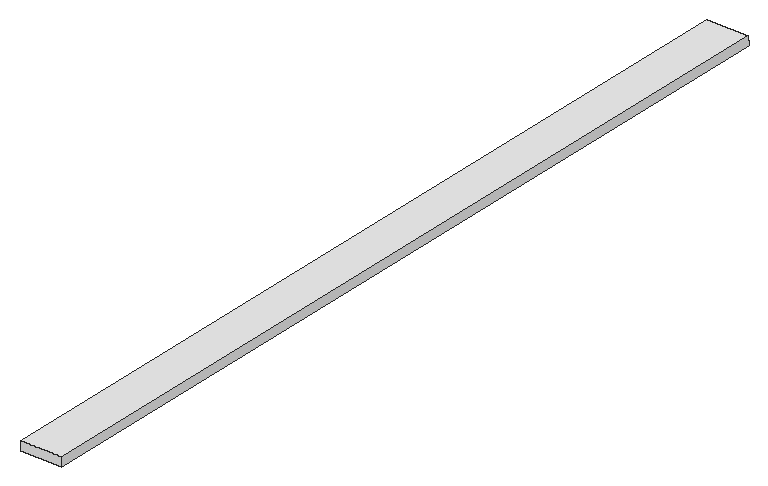
Revit family "Door-Hardware_Hinge_Hager_Stainless-Continuous", category Specialty Equipment, Revit 2024
Family settings
  Round Connector Dimension = Use Diameter
  Part Type = Normal
  OmniClass Number = 23.30.40.24.11
  OmniClass Title = Hinges
  Work Plane-Based = Yes
  Enable Cutting in Views = No
  Always vertical = No
  Cut with Voids When Loaded = No
  Maintain Annotation Orientation = No
  Shared = Yes
  Room Calculation Point = No
Parameters (values of type "Full Surface 909")
  Warranty Duration (Years) = 0
  Unit Length [instance] = 6' - 0"
  URL = "http://www.hagerco.com/"
  Suggested Use = "as Specified"
  Standards Conformance = "as Specified"
  Specification = "http://www.arcat.com/sdspecs/htm04/08_71_00hco.htm"
  SpecWizard = ""
  Send Message = ""
  Sales Information = "http://www.hagerco.com/contact-us.aspx"
  Revision = "R1_2015-10"
  Restrictions = "as Specified"
  Product Properties = ""
  Product Data = "http://www.arcat.com/arcatcos/cos32/arc32922.html"
  Model = "790-909"
  Manufacturer Website = "http://www.hagerco.com/"
  Manufacturer Phone - Toll Free = "800-325-9995"
  Manufacturer Phone = "314-772-4400"
  Manufacturer Fax = "800-782-0149"
  Manufacturer Address = "139 Victor St.  St. Louis, MO 63104"
  Manufacturer = "Hager Companies"
  Maintenance Schedule (Months) = 0
  Keynote = "087100"
  Installation-Fabrication = ""
  Installation Phase = ""
  Hinge Design = Hinge : Hinge
  Green Building-LEED = ""
  Hinge Width = 0' - 3 1/2"
  Hinge Depth = 0' - 0 3/4"
  Fixture Finish [instance] = Metal - Standard US Finish as Specified
  Expected Lifespan (Years) = 0
  Drawn By = "Sumex Design, Inc. / Robert S. Weygant, CSI, CDT, SCIP"
  Description = "Hager Standard Duty Stainless Steel Continuous Hinge - Full Surface 790-909 as Specified"
  Default Elevation = 0' - 0"
  Copyright = "©Arcat Inc."
  Construction Details = ""
  Clearance Required = 0' - 0"
  Capacity = "as Specified"
  Available Options = "as Specified"
  Assembly Code = "C1020410"
  Air Space Below Door [instance] = 0' - 0 1/2"
Types (9): name | Model | Hinge Width | Hinge Depth | Description
  Full Surface 909 | "790-909" | 0' - 3 1/2" | 0' - 0 3/4" | "Hager Standard Duty Stainless Steel Continuous Hinge - Full Surface 790-909 as Specified"
  Half Mortise 906 | "790-906" | 0' - 1 7/8" | 0' - 0 3/4" | "Hager Standard Duty Stainless Steel Continuous Hinge - Half Mortise 790-906 as Specified"
  Half Mortise 904 | "790-904" | 0' - 1 7/8" | 0' - 0 3/4" | "Hager Standard Duty Stainless Steel Continuous Hinge - Half Mortise 790-904 as Specified"
  Half Surface 903 | "790-903" | 0' - 1 7/8" | 0' - 0 1/2" | "Hager Standard Duty Stainless Steel Continuous Hinge - Half Surface 790-903 as Specified"
  Concealed Swing Clear 911 | "790-911" | 0' - 2" | 0' - 0 7/16" | "Hager Standard Duty Stainless Steel Continuous Hinge - Concealed Swing Clear 790-911 as Specified"
  Concealed Swing Clear Corner Guard 926 | "790-926" | 0' - 2" | 0' - 0 7/16" | "Hager Standard Duty Stainless Steel Continuous Hinge - Concealed Swing Clear 790-926 as Specified"
  Concealed Corner Wrap 915 | "790-915" | 0' - 0 3/8" | 0' - 0 1/2" | "Hager Standard Duty Stainless Steel Continuous Hinge - Concealed 790-915 as Specified"
  Concealed Corner Guard 905 | "790-905" | 0' - 0 3/8" | 0' - 0 1/2" | "Hager Standard Duty Stainless Steel Continuous Hinge - Concealed 790-905 as Specified"
  Concealed 900 | "790-900" | 0' - 0 3/8" | 0' - 0 1/2" | "Hager Standard Duty Stainless Steel Continuous Hinge - Concealed 790-900 as Specified"
Reference planes (in)
  plane 1 "CL": y = -4.25
  plane 2 "Bottom": z = 0
  plane 3 "Center Rig": x = 0
  plane 4: y = 32
  plane 5: y = -40.5
  plane 6: y = -40
Dimensions and locks (in)
  equal spacing: plane 4, plane 1 "CL", plane 5
  "Unit Length": plane 4 to plane 6
  "Air Space Below Door": plane 6 to plane 5
  aligned and locked: plane 3 "Center Rig" to nested 1
Nested families (in)
  nested 1: "Hinge" at (0, -40, 0), type <- "Hinge Design", length <- "Unit Length", finish <- "Fixture Finish", gear width <- "Hinge Width", gear depth <- "Hinge Depth", type "Hinge"
    with width 0' - 3.82271", length 6' - 0", gear width 0' - 3 1/2", gear depth 0' - 0 3/4", finish Metal - Standard US Finish as Specified, Hinge Extend Right 0' - 0", Hinge Extend Left 0' - 0"
Definition of nested family "Hinge"
  Parameters
    width [instance] = 0' - 3.82271"
    length [instance] = 4' - 0"
    gear width [instance] = 0' - 3.82271"
    gear depth [instance] = 0' - 1"
    finish [instance] = none
    Hinge Extend Right [instance] = 0' - 2 3/4"
    Hinge Extend Left [instance] = 0' - 2 1/4"
    Default Elevation = 0' - 0"
    Assembly Code = ""
  Reference planes (in)
    plane 1 "Center (Front/Back)": y = 0
    plane 2: z = 0
    plane 3 "Center (Left/Right)": x = 0
    plane 4: y = 48
    plane 5: x = -1.91136
    plane 6: x = 1.91136
    plane 7: x = 4.66136
    plane 8: x = -4.16136
  Forms (in)
    Extrusion 1, solid, material <- "finish"
      sketch origin (0, 0, 0) x (1, 0, 0) y (0, 0, 1)
        loop
          line (-1.91136, 0) -> (1.91136, 0) -> (1.91136, 1) -> (-1.91136, 1) -> (-1.91136, 0)
      from -48 to 0
    Extrusion 2, solid, material <- "finish"
      sketch origin (0, 0, 0) x (1, 0, 0) y (0, 0, 1)
        loop
          line (4.66136, 0.1875) -> (-4.16136, 0.1875) -> (-4.16136, 0) -> (4.66136, 0) -> (4.66136, 0.1875)
      from 0 to -48
  Cuts and joins
    joined: Extrusion 1, Extrusion 2
  Dimensions and locks (in)
    "length": plane 1 "Center (Front/Back)" to plane 4
    equal spacing: plane 6, plane 3 "Center (Left/Right)", plane 5
    "gear width": plane 6 to plane 5
    "gear depth": Extrusion 1 sketch curve to level
    "Hinge Extend Left": plane 5 to plane 8
    "Hinge Extend Right": plane 7 to plane 6
    locked: Extrusion 2 sketch curve to plane 2 at 0.1875
    aligned and locked: plane 2 to level
    aligned and locked: plane 4 to Extrusion 1
    aligned and locked: plane 1 "Center (Front/Back)" to Extrusion 1
    aligned and locked: Extrusion 1 sketch curve to plane 5
    aligned and locked: Extrusion 1 sketch curve to plane 6
    aligned and locked: plane 7 to Extrusion 2 sketch curve
    aligned and locked: Extrusion 2 sketch curve to plane 8
    aligned and locked: plane 4 to Extrusion 2
    aligned and locked: plane 1 "Center (Front/Back)" to Extrusion 2
  Automatic sketch dimensions
    Extrusion 1 sketch curve to level = 0' - 0"
    Extrusion 2 sketch curve to level = 0' - 0"
